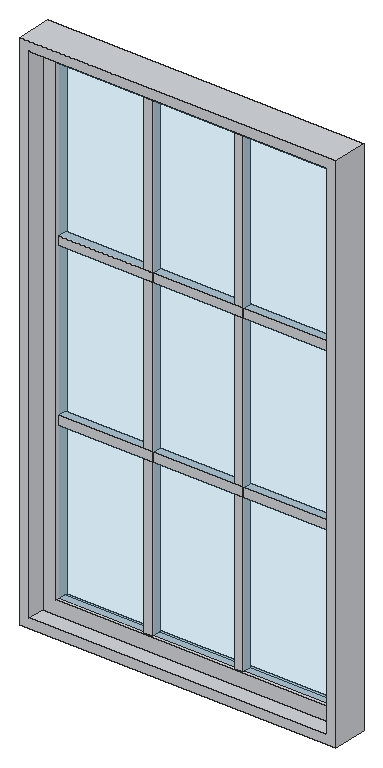
Revit family "Window_Casement", category Windows, Revit 2019
Family settings
  Work Plane-Based = No
  Always vertical = Yes
  Cut with Voids When Loaded = No
  Shared = Yes
  Room Calculation Point = No
Parameters (values of type "Casement")
  Width [instance] = 3' - 0"
  WS - Window Type / Symbol = "C-2"
  WS - Width [instance] = Width  # 3' - 0"
  WS - Tempered Glass = ""
  WS - Style = ""
  WS - Smoke & Draft = ""
  WS - Height [instance] = Height  # 5' - 0"
  WS - Frame = ""
  WS - Fire Rating = ""
  WS - Finish = ""
  Swing Width [instance] = Width - (Frame Width * 2)  # 2' - 10"
  Number Of Lites Wide [instance] = 3
  Number Of Lites High [instance] = 3
  Glazing Width [instance] = Width - ((Frame Width + Inner Frame Width) * 2)  # 2' - 7"
  Glazing Height [instance] = Height - ((Frame Width + Inner Frame Width) * 2)  # 4' - 7"
  Inner Frame Width = 0' - 1 1/2"
  Inner Frame Depth = 0' - 1 1/2"
  Height [instance] = 5' - 0"
  Glazing Thickness = 0' - 0 3/4"
  Frame Width = 0' - 1"
  Frame Material [instance] = none
  Depth = 0' - 4"
  Analytic Construction = "<None>"
Reference planes (in)
  plane 1 "Center (Front/Back)": y = 0
  plane 2: z = 0
  plane 3 "Center (Left/Right)": x = 0
  plane 4: x = -18
  plane 5: y = -2
  plane 6: y = 2
  plane 7: x = -17
  plane 8: x = 17
  plane 9: x = 18
  plane 10: x = -15.5
  plane 11: x = 15.5
  plane 12: y = 1.5
  plane 13: y = 0.75
  plane 14: y = 1.125
  plane 15: y = 0.375
  plane 16: z = 60
  plane 17: z = 59
  plane 18: z = 57.5
  plane 19: z = 1
  plane 20: z = 2.5
  plane 21: z = 30
Forms (in)
  Sweep 1, solid, material <- "Frame Material"
    path origin (0, 0, 0) x (1, 0, 0) y (0, 0, 1)
      loop
        line (-18, 60) -> (-18, 0) -> (18, 0) -> (18, 60) -> (-18, 60)
    profile origin (-18, 0, 30) x (0, -1, 0) y (1, 0, 0)
      loop
        line (-2, 0) -> (2, 0) -> (2, 1) -> (-2, 1) -> (-2, 0)
  Sweep 2, solid, material <- "Frame Material"
    path origin (0, 0, 0) x (1, 0, 0) y (0, 0, 1)
      loop
        line (-18, 60) -> (-18, 0) -> (18, 0) -> (18, 60) -> (-18, 60)
    profile origin (-18, 0, 30) x (0, -1, 0) y (1, 0, 0)
      loop
        line (-1.5, 1) -> (0, 1) -> (0, 2.5) -> (-1.5, 2.5) -> (-1.5, 1)
  Extrusion 3, solid
    sketch origin (0, 0, 0) x (1, 0, 0) y (0, 1, 0)
      loop
        line (-15.5, 1.125) -> (-15.5, 0.375) -> (15.5, 0.375) -> (15.5, 1.125) -> (-15.5, 1.125)
    from 2.5 to 57.5
Cuts and joins
  joined: Sweep 1, Sweep 2
Lines and regions (in)
  symbolic lines, style "WindowsHiddenLines"
    curve 1: arc (17, 1.5, 0) -> (16.76782, 5.46667, 0) -> (16.07444, 9.37917, 0) r 34
    curve 2: line (-17, 1.5, 0) -> (16.07444, 9.37917, 0)
    curve 23: line (17, 0, 59) -> (-17, 0, 30)
    curve 24: line (-17, 0, 30) -> (17, 0, 1)
  symbolic lines, style "WindowsFrameMullionProjection"
    curve 3: line (-18, 2, 0) -> (-18, -2, 0)
    curve 4: line (-18, -2, 0) -> (-17, -2, 0)
    curve 5: line (-17, -2, 0) -> (-17, 0, 0)
    curve 6: line (-17, 0, 0) -> (-15.5, 0, 0)
    curve 7: line (-15.5, 0, 0) -> (-15.5, 1.5, 0)
    curve 8: line (-15.5, 1.5, 0) -> (-17, 1.5, 0)
    curve 9: line (-17, 2, 0) -> (-18, 2, 0)
    curve 10: line (-17, 0, 0) -> (-17, 1.5, 0)
    curve 11: line (17, 1.5, 0) -> (17, 2, 0)
    curve 12: line (17, 2, 0) -> (18, 2, 0)
    curve 13: line (18, 2, 0) -> (18, -2, 0)
    curve 14: line (18, -2, 0) -> (17, -2, 0)
    curve 15: line (17, -2, 0) -> (17, 0, 0)
    curve 16: line (17, 0, 0) -> (15.5, 0, 0)
    curve 17: line (15.5, 0, 0) -> (15.5, 1.5, 0)
    curve 18: line (15.5, 1.5, 0) -> (17, 1.5, 0)
    curve 19: line (17, 1.5, 0) -> (17, 0, 0)
    curve 25: line (-17, 2, 0) -> (-17, 1.5, 0)
  symbolic lines, style "WindowsGlassProjection"
    curve 20: line (15.5, 0.75, 0) -> (-15.5, 0.75, 0)
  symbolic lines, style "WindowsSillHeadProjection"
    curve 21: line (-17, 2, 0) -> (17, 2, 0)
    curve 22: line (-17, -2, 0) -> (17, -2, 0)
Dimensions and locks (in)
  "Depth": plane 6 to plane 5
  equal spacing: plane 6, plane 1 "Center (Front/Back)", plane 5
  "Width": plane 4 to plane 9
  equal spacing: plane 4, plane 3 "Center (Left/Right)", plane 9
  "Frame Width": plane 4 to plane 7
  "Frame Width": plane 8 to plane 9
  "Inner Frame Width": plane 11 to plane 8
  "Inner Frame Width": plane 7 to plane 10
  "Inner Frame Depth": plane 1 "Center (Front/Back)" to plane 12
  equal spacing: plane 12, plane 13, plane 1 "Center (Front/Back)"
  "Glazing Thickness": plane 14 to plane 15
  equal spacing: plane 14, plane 13, plane 15
  "Height": plane 16 to level
  "Frame Width": plane 16 to plane 17
  "Inner Frame Width": plane 17 to plane 18
  "Frame Width": plane 19 to level
  "Inner Frame Width": plane 20 to plane 19
  equal spacing: plane 17, plane 21, plane 19
  "Swing Width": radius of curve 1
  aligned and locked: plane 2 to level
  aligned and locked: Sweep 1 sketch curve to plane 16
  aligned and locked: Sweep 1 sketch curve to plane 4
  aligned and locked: Sweep 1 sketch curve to level
  aligned and locked: plane 9 to Sweep 1 sketch curve
  aligned and locked: plane 4 to Sweep 1 sketch curve
  aligned and locked: plane 5 to Sweep 1 sketch curve
  aligned and locked: Sweep 1 sketch curve to plane 6
  aligned and locked: Sweep 1 sketch curve to plane 7
  aligned and locked: Sweep 2 sketch curve to plane 16
  aligned and locked: Sweep 2 sketch curve to plane 4
  aligned and locked: plane 9 to Sweep 2 sketch curve
  aligned and locked: Sweep 2 sketch curve to level
  aligned and locked: Sweep 2 sketch curve to plane 1 "Center (Front/Back)"
  aligned and locked: Sweep 2 sketch curve to plane 10
  aligned and locked: Sweep 2 sketch curve to plane 12
  aligned and locked: plane 7 to Sweep 2 sketch curve
  aligned and locked: plane 10 to Extrusion 3 sketch curve
  aligned and locked: Extrusion 3 sketch curve to plane 14
  aligned and locked: Extrusion 3 sketch curve to plane 15
  aligned and locked: plane 11 to Extrusion 3 sketch curve
  aligned and locked: plane 18 to Extrusion 3
  aligned and locked: Extrusion 3 to plane 20
  aligned and locked: plane 7 to curve 1
  aligned and locked: plane 12 to curve 1
  aligned and locked: plane 7 to curve 2
  aligned and locked: plane 12 to curve 2
  aligned and locked: plane 11 to Sweep 2
  aligned and locked: curve 18 to plane 12
  aligned and locked: curve 16 to plane 1 "Center (Front/Back)"
  aligned and locked: Sweep 2 to plane 8
  aligned and locked: curve 12 to plane 6
  aligned and locked: plane 9 to curve 13
  aligned and locked: plane 5 to curve 14
  aligned and locked: curve 17 to plane 11
  aligned and locked: curve 20 to plane 13
  aligned and locked: plane 11 to curve 20
  aligned and locked: plane 10 to curve 20
  aligned and locked: curve 21 to plane 6
  aligned and locked: plane 8 to curve 21
  aligned and locked: plane 7 to curve 22
  aligned and locked: plane 8 to curve 22
  aligned and locked: curve 22 to plane 5
  aligned and locked: plane 3 "Center (Left/Right)" to nested 1
  aligned and locked: plane 13 to nested 1
  aligned and locked: plane 21 to nested 1
  aligned and locked: plane 17 to curve 23
  aligned and locked: plane 8 to curve 23
  aligned and locked: plane 8 to curve 24
  aligned and locked: plane 19 to curve 24
  aligned and locked: plane 21 to curve 23
  aligned and locked: plane 7 to curve 23
  aligned and locked: curve 25 to plane 7
Automatic sketch dimensions
  Sweep 2 sketch curve to plane 16 = 0' - 0"
  curve 4 to plane 4 = 0' - 0"
  plane 1 "Center (Front/Back)" to curve 6 = 0' - 0"
  curve 2 to plane 11 = 0' - 0.57444"
Nested families (in)
  nested 1: "Mullion Assembly" at (0, 0.75, 2.5), Height <- "Glazing Height", Width <- "Glazing Width", Number Of Lites Wide <- "Number Of Lites Wide", Number Of Lites High <- "Number Of Lites High", Mullion Material <- "Frame Material", type "Mullion Assembly"
    with Width 2' - 7", Vertical Mullions 2, Vertical Mullion Visible yes, Vertical Mullion Array Location 0' - 10.33333", Number Of Vertical Mullions 2, Number Of Lites Wide 3, Number Of Lites High 3, Number Of Horizontal Mullions 2, Mullion Material none, Horizontal Mullions 2, Horizontal Mullion Visible yes, Horizontal Mullion Array Location 1' - 6.33333", Height 4' - 7", Mullion Height 0' - 1"
Definition of nested family "Mullion Assembly"
  Parameters (values of type "Mullion Assembly")
    Width [instance] = 4' - 0"
    Vertical Mullions [instance] = if(Number Of Vertical Mullions < 1.5, 2, Number Of Vertical Mullions)  # 2
    Vertical Mullion Visible [instance] = Number Of Lites Wide > 1.5  # no
    Vertical Mullion Array Location [instance] = if(Number Of Vertical Mullions < 1.5, (Width / 2), if(Number Of Vertical Mullions > 1.5, (Width / (Vertical Mullions + 1)), (Width / 2)))  # 2' - 0"
    Number Of Vertical Mullions [instance] = Number Of Lites High - 1  # -1
    Number Of Lites Wide [instance] = 0
    Number Of Lites High [instance] = 0
    Number Of Horizontal Mullions [instance] = Number Of Lites Wide - 1  # -1
    Mullion Width = 0' - 1"
    Mullion Material [instance] = none
    Mullion Height = 0' - 0 3/4"
    Horizontal Mullions [instance] = if(Number Of Horizontal Mullions < 1.5, 2, Number Of Horizontal Mullions)  # 2
    Horizontal Mullion Visible [instance] = Number Of Lites High > 1.5  # no
    Horizontal Mullion Array Location [instance] = if(Number Of Horizontal Mullions < 1.5, (Height / 2), if(Number Of Horizontal Mullions > 1.5, (Height / (Horizontal Mullions + 1)), (Height / 2)))  # 2' - 0"
    Height [instance] = 4' - 0"
    Analytic Construction = "<None>"
  Reference planes (in)
    plane 1 "Center (Front/Back)": y = 0
    plane 2: z = 0
    plane 3 "Center (Left/Right)": x = 0
    plane 4: z = 48
    plane 5: x = 24
    plane 6: x = -24
    plane 7: x = 0
    plane 8: x = 0
    plane 9: z = 24
    plane 10: z = 24
    plane 11: z = 24
    plane 12: x = 0
    plane 13: z = 24
    plane 14: z = 24
    plane 15: x = 0
  Forms (in)
    Sweep 1, solid, material <- "Mullion Material", visible <- "Vertical Mullion Visible"
      path origin (17.06152, 0, -15.28174) x (1, 0, 0) y (0, 0, 1)
        loop
          line (-17.06152, 63.28174) -> (-17.06152, 15.28174)
      profile "Profile - Mullion : Profile - Mullion" origin (0, 0, 24) x (1, 0, 0) y (0, -1, 0)
        loop
          line (-0.5, 0.375) -> (-0.5, -0.375) -> (0.5, -0.375) -> (0.5, 0.375) -> (-0.5, 0.375)
    Sweep 2, solid, material <- "Mullion Material", visible <- "Horizontal Mullion Visible"
      path origin (20.44465, 0, -15.26328) x (1, 0, 0) y (0, 0, 1)
        loop
          line (-44.44465, 39.26328) -> (3.55535, 39.26328)
      profile "Profile - Mullion : Profile - Mullion" origin (0, 0, 24) x (0, 0, 1) y (0, -1, 0)
        loop
          line (-0.5, 0.375) -> (-0.5, -0.375) -> (0.5, -0.375) -> (0.5, 0.375) -> (-0.5, 0.375)
    Sweep 3, solid, material <- "Mullion Material", visible <- "Horizontal Mullion Visible"
      path origin (20.44465, 0, -15.26328) x (1, 0, 0) y (0, 0, 1)
        loop
          line (-44.44465, 39.26328) -> (3.55535, 39.26328)
      profile "Profile - Mullion : Profile - Mullion" origin (0, 0, 24) x (0, 0, 1) y (0, -1, 0)
        loop
          line (-0.5, 0.375) -> (-0.5, -0.375) -> (0.5, -0.375) -> (0.5, 0.375) -> (-0.5, 0.375)
    Sweep 4, solid, material <- "Mullion Material", visible <- "Vertical Mullion Visible"
      path origin (17.06152, 0, -15.28174) x (1, 0, 0) y (0, 0, 1)
        loop
          line (-17.06152, 63.28174) -> (-17.06152, 15.28174)
      profile "Profile - Mullion : Profile - Mullion" origin (0, 0, 24) x (1, 0, 0) y (0, -1, 0)
        loop
          line (-0.5, 0.375) -> (-0.5, -0.375) -> (0.5, -0.375) -> (0.5, 0.375) -> (-0.5, 0.375)
  Dimensions and locks (in)
    "Width": plane 5 to plane 6
    "Height": plane 4 to level
    equal spacing: plane 4, plane 11, level
    equal spacing: plane 5, plane 3 "Center (Left/Right)", plane 6
    "Vertical Mullion Array Location": plane 7 to plane 6
    "Vertical Mullion Array Location": plane 5 to plane 8
    "Horizontal Mullion Array Location": plane 4 to plane 9
    "Horizontal Mullion Array Location": plane 10 to level
    locked: plane 7 to plane 12 at 0
    locked: plane 9 to plane 13 at 0
    "Height": Sweep 1 sketch curve to Sweep 1 sketch curve
    "Width": Sweep 2 sketch curve to Sweep 2 sketch curve
    "Width": Sweep 3 sketch curve to Sweep 3 sketch curve
    group 1 to group 2 = 0' - 0"  (x3)
    locked: plane 10 to plane 14 at 0
    "Height": Sweep 4 sketch curve to Sweep 4 sketch curve
    group 3 to group 4 = 0' - 0"  (x3)
    locked: plane 8 to plane 15 at 0
    aligned and locked: plane 2 to level
    aligned and locked: Sweep 2 sketch curve to plane 13
    aligned and locked: Sweep 1 to plane 4
    aligned and locked: plane 6 to Sweep 2
    aligned and locked: Sweep 3 sketch curve to plane 14
    aligned and locked: Sweep 4 to plane 4
    aligned and locked: plane 5 to Sweep 3
  Automatic sketch dimensions
    plane 12 to Sweep 1 sketch curve = 0' - 0"
    plane 15 to Sweep 4 sketch curve = 0' - 0"
